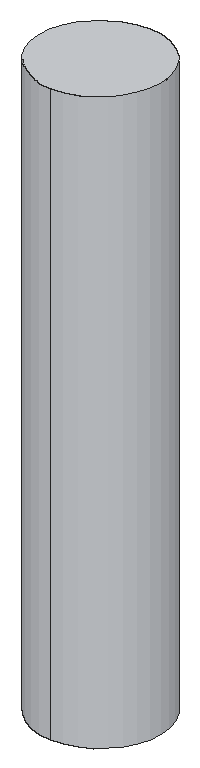
Revit family "Distanzrohr Abschnitt", category HLS-Bauteile, Revit 2023
Family settings
  Bemaßung runder Anschluss = Durchmesser verwenden
  Teiletyp = Normal
  Arbeitsebenenbasiert = Ja
  Immer vertikal = Nein
  Beim Laden mit Abzugskörper schneiden = Nein
  Beschriftungsausrichtung beibehalten = Nein
  Gemeinsam genutzt = Ja
  Raumberechnungspunkt = Nein
Parameters (values of type "Distanzrohr 1/2" Abschnitt L=100mm")
  vpe = "10"
  Widerstandsmoment Wz = ""
  Widerstandsmoment Wy = ""
  Default Elevation = 1219.2 mm
  Trägheitsradius iz = ""
  Trägheitsradius iy = ""
  Torsionswiderstandsmoment Wt = ""
  Stärke = 0 mm
  Streckgrenze = ""
  Schwerpunktabstand ez = ""
  Schwerpunktabstand eu = ""
  Schwerpunktabstand eo = ""
  Schlitzbreite = ""
  Regelhalter [instance] = ""
  Montagelänge [instance] = 100 mm
  Mengeneinheit = "St"
  Materialname = ""
  Material = "Stahl"
  Länge = 100 mm
  Lochdurchmesser = ""
  Langloch = ""
  Kurztext2 = "1/2'' x 100 mm gvz"
  Kurztext1 = "Distanzrohr-Abschnitt"
  Höhe = ""
  Gewinde = "1/2''"
  Gewicht pro Stück [instance] = (Gewicht * Montagelänge / (1000 mm * 1000)) * 1000  # 0.0112 kg
  Gewicht pro Bauteil [instance] = Gewicht pro Stück  # 0.0112 kg
  Gewicht = 0.112 kg
  Fläche (schwächster Profilquerschnitt) = 0.00 m²
  Fabrikat = "MEFA"
  Erweiterung Langloch = ""
  EAN = "4250928456748"
  D = 21 mm
  Bund = ""
  Breite = 0 mm
  Artikelnummer = "07070100"
  Abmessung = ""
Types (2, lengths in mm): name | vpe | Montagelänge | Länge | Kurztext2 | Gewicht pro Stück | Gewicht pro Bauteil | Gewicht | EAN | Artikelnummer
  Distanzrohr 1/2" Abschnitt L=100mm | "10" | 100 | 100 | "1/2'' x 100 mm gvz" | 0.0112 kg | 0.0112 kg | 0.112 kg | "4250928456748" | "07070100"
  Distanzrohr 1/2" Abschnitt L=150mm | "25" | 150 | 150 | "1/2'' x 150 mm gvz" | 0.0252 kg | 0.0252 kg | 0.168 kg | "4250928456755" | "07070150"
Reference planes
  plane 1 "Mitte (Vorne/hinten)": y = 0
  plane 2: z = 0
  plane 3 "Mitte (Links/rechts)": x = 0
  plane 4: z = 100
  plane 5: z = 0
Forms (mm)
  Extrusion 1, solid
    sketch origin (-41.08, -101.382, 240) x (0, 1, 0) y (-1, 0, 0)
      loop
        circle (101.286, -41.08) r 10.5
    from -240 to -140
Lines and regions (mm)
  model lines, not visible
    curve 1: line (9.299, 0, 100) -> (-10.701, 0, 100)
    curve 2: line (0, 15.717, 100) -> (0, -4.283, 100)
    curve 3: line (0, 10.717, 0) -> (0, -9.283, 0)
    curve 4: line (6.799, 0, 0) -> (-13.201, 0, 0)
    curve 5: line (0, 0, 167.337) -> (0, 0, -112.663)
Dimensions and locks
  "Montagelänge": plane 5 to plane 4
  "D": diameter of Extrusion 1 sketch curve
  aligned and locked: level to plane 2
  aligned and locked: curve 5 to Extrusion 1
  aligned and locked: Extrusion 1 to plane 5
  aligned and locked: plane 4 to Extrusion 1
  aligned and locked: level to plane 5
Automatic sketch dimensions
  curve 3 to level = 0 mm
  curve 2 to plane 4 = 0 mm
  plane 1 "Mitte (Vorne/hinten)" to curve 3 = 9.283 mm
  plane 1 "Mitte (Vorne/hinten)" to curve 2 = 4.283 mm
  curve 3 to plane 1 "Mitte (Vorne/hinten)" = 10.717 mm
  curve 2 to plane 1 "Mitte (Vorne/hinten)" = 15.717 mm
  curve 4 to level = 0 mm
  curve 1 to plane 4 = 0 mm
  curve 1 to plane 3 "Mitte (Links/rechts)" = 10.701 mm
  curve 4 to plane 3 "Mitte (Links/rechts)" = 13.201 mm
  plane 3 "Mitte (Links/rechts)" to curve 4 = 6.799 mm
  plane 3 "Mitte (Links/rechts)" to curve 1 = 9.299 mm
  curve 5 to level = 112.663 mm
  plane 4 to curve 5 = 67.337 mm
  Extrusion 1 sketch curve to plane 3 "Mitte (Links/rechts)" = 0 mm
  plane 1 "Mitte (Vorne/hinten)" to Extrusion 1 sketch curve = 0.096 mm
